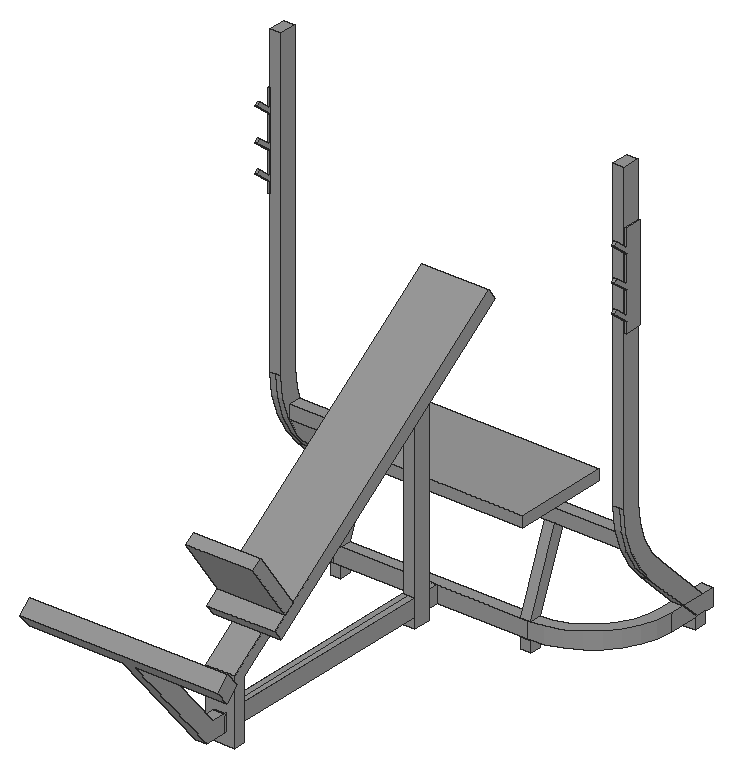
Revit family "Скамья для жима лежа наклонная", category Оборудование, Revit 2017
Family settings
  Размер круглого соединителя = Использовать диаметр
  Тип детали = Нормальный
  На основе рабочей плоскости = Нет
  Всегда вертикально = Да
  При загрузке вырезать с полостями = Нет
  Общий = Нет
  Точка расчета площади = Нет
Parameters (values of type "1844х1254х1604")
  Ширина = 1254.0 mm
  Примечание = ""
  Позиция = ""
  Обозначение = "PG01"
  Наименование = "Скамья для жима лежа наклонная"
  Масса = "103"
  Код оборудования = ""
  Keynote = ""
  Изготовитель = "Severin"
  Завод = "Technogym"
  Единицы = "шт."
  Группа модели = "ТХ"
  Глубина = 1844.0 mm
  Высота = 1604.0 mm
Reference planes
  plane 1 "По центру (Вперед/Назад)": y = 0
  plane 2: z = 0
  plane 3 "По центру (Влево/Вправо)": x = 0
  plane 4: x = -627
  plane 5: x = 627
  plane 6: y = 922
  plane 7: y = -922
  plane 8: z = 1604
  plane 9: z = 802
Forms (mm)
  Sweep 1, solid, material "GKS_Mep_Сталь_3262-75"
    path origin (0, 0, 0) x (1, 0, 0) y (0, 1, 0)
      loop
        line (-627, 922) -> (-627, 742)
        arc (-627, 742) -> (-544.157, 542) -> (-344.157, 459.157) r 282.843
        line (-344.157, 459.157) -> (0, 459.157) -> (344.157, 459.157)
        arc (344.157, 459.157) -> (544.157, 542) -> (627, 742) r 282.843
        line (627, 742) -> (627, 922)
    profile origin (-627, 832, 0) x (1, 0, 0) y (0, 0, 1)
      loop
        line (0, 40) -> (40, 40) -> (40, 100) -> (0, 100) -> (0, 40)
  Extrusion 2, solid, material "GKS_Mep_Сталь_3262-75", detail levels medium+fine
    sketch origin (0, 0, 40) x (1, 0, 0) y (0, 0, 1)
      loop
        line (0, 60) -> (-20, 60) -> (-20, 0) -> (0, 0) -> (20, 0) -> (20, 60) -> (0, 60)
    from -459.157 to 476.924
  Sweep 3, solid, material "GKS_Mep_Сталь_3262-75"
    path origin (0, 0, 0) x (0, 1, 0) y (0, 0, 1)
      loop
        line (866.521, 67.199) -> (675.602, 258.117)
        arc (675.602, 258.117) -> (591.647, 376.267) -> (560.022, 517.715) r 366.733
        line (560.022, 517.715) -> (560.022, 1604)
    profile origin (0, 560.022, 517.715) x (0, -1, 0) y (1, 0, 0)
      loop
        line (30, -607) -> (30, -587) -> (-30, -587) -> (-30, -607) -> (-30, -627) -> (30, -627) -> (30, -607)
  Extrusion 4, solid, material "GKS_Mep_Сталь_3262-75"
    sketch origin (0, 0, 0) x (1, 0, 0) y (0, 1, 0)
      loop
        line (-354.522, 760) -> (-354.522, 422.955) -> (354.522, 422.955) -> (354.522, 760) -> (-354.522, 760)
    from 452.012 to 413.581
  Extrusion 5, solid, material "GKS_Mep_Сталь_3262-75"
    sketch origin (0, 0, 0) x (0, 1, 0) y (0, 0, 1)
      loop
        line (609.06, 413.581) -> (564.078, 413.581) -> (564.078, 366.729) -> (609.06, 366.729) -> (609.06, 413.581)
    from -587 to 587
  Sweep 6, solid, material "GKS_Mep_Сталь_3262-75"
    path origin (0, 0, 0) x (0, 1, 0) y (0, 0, -1)
      loop
        line (866.521, -67.199) -> (675.602, -258.117)
        arc (675.602, -258.117) -> (591.647, -376.267) -> (560.022, -517.715) r 366.733
        line (560.022, -517.715) -> (560.022, -1604)
    profile origin (0, 560.022, 517.715) x (0, 1, 0) y (-1, 0, 0)
      loop
        line (-30, -607) -> (-30, -627) -> (30, -627) -> (30, -607) -> (30, -587) -> (-30, -587) -> (-30, -607)
  Sweep 7, solid, material "GKS_Mep_Сталь_3262-75"
    path origin (0, 0, 0) x (0, 1, 0) y (0, 0, 1)
      loop
        line (459.157, 40) -> (-476.924, 40) -> (-556.924, 40) -> (-922, 475.694)
    profile origin (0, -8.883, 40) x (0, 0, -1) y (1, 0, 0)
      loop
        line (-60, -20) -> (0, -20) -> (0, 20) -> (-60, 20) -> (-60, -20)
  Extrusion 8, solid, material "GKS_Mep_Сталь_3262-75"
    sketch origin (0, 0, 0) x (0, 1, 0) y (0, 0, 1)
      loop
        line (-876.011, 514.229) -> (-922, 475.694) -> (-880.066, 425.649) -> (-837.475, 468.24) -> (-876.011, 514.229)
    from -350 to 350
  Extrusion 9, solid, material "GKS_Mep_Сталь_3262-75"
    sketch origin (0, 633.481, 264.726) x (1, 0, 0) y (0, 0.819152, 0.573576)
      loop
        line (117.441, 380.124) -> (-120, 380.124) -> (-120, -780) -> (117.441, -780) -> (117.441, 380.124)
    from 606.605 to 654.018
  Extrusion 10, solid, material "GKS_Mep_Сталь_3262-75"
    sketch origin (0, 0, 0) x (0, 1, 0) y (0, 0, 1)
      loop
        line (-333.679, 385.921) -> (-300.913, 408.865) -> (-441.439, 609.557) -> (-474.205, 586.614) -> (-333.679, 385.921)
    from -120 to 117.441
  Extrusion 11, solid, material "GKS_Mep_Сталь_3262-75", detail levels medium+fine
    sketch origin (0, 0, 0) x (0, 1, 0) y (0, 0, 1)
      loop
        line (422.955, 0) -> (422.955, 857.841) -> (362.955, 815.828) -> (362.955, 0) -> (422.955, 0)
    from -20 to 20
  Extrusion 12, solid, material "GKS_Mep_Сталь_3262-75"
    sketch origin (0, 0, 0) x (0, 1, 0) y (0, 0, 1)
      loop
        line (362.955, 815.828) -> (-472.58, 230.78) -> (-472.58, 0) -> (-432.58, 0) -> (-432.58, 209.958) -> (362.955, 766.997) -> (362.955, 815.828)
    from -50 to 50
  Extrusion 13, solid, material "GKS_Mep_Сталь_3262-75", detail levels medium+fine
    sketch origin (0, 0, 0) x (0, 1, 0) y (0, 0, 1)
      loop
        line (499.157, 100) -> (609.06, 366.729) -> (564.078, 366.729) -> (458.542, 100) -> (499.157, 100)
    from -354.522 to -318.143
  Extrusion 14, solid, material "GKS_Mep_Сталь_3262-75", detail levels medium+fine
    sketch origin (0, 0, 0) x (0, 1, 0) y (0, 0, -1)
      loop
        line (499.157, -100) -> (458.542, -100) -> (564.078, -366.729) -> (609.06, -366.729) -> (499.157, -100)
    from -354.522 to -318.143
  Extrusion 15, solid, material "GKS_Mep_Сталь_3262-75", detail levels medium+fine
    sketch origin (0, 0, 0) x (1, 0, 0) y (0, 1, 0)
      loop
        line (-627, 887.734) -> (-627, 845.308) -> (-587, 845.308) -> (-587, 887.734) -> (-627, 887.734)
      loop
        line (587, 887.734) -> (587, 845.308) -> (627, 845.308) -> (627, 887.734) -> (587, 887.734)
    from 0 to 40
  Extrusion 16, solid, material "GKS_Mep_Сталь_3262-75", detail levels medium+fine
    sketch origin (0, 0, 0) x (1, 0, 0) y (0, 1, 0)
      loop
        line (-354.522, 499.157) -> (-354.522, 458.542) -> (-318.143, 458.542) -> (-318.143, 499.157) -> (-354.522, 499.157)
      loop
        line (318.143, 499.157) -> (318.143, 458.542) -> (354.522, 458.542) -> (354.522, 499.157) -> (318.143, 499.157)
    from 0 to 40
  Extrusion 17, solid, material "GKS_Mep_Сталь_3262-75", detail levels medium+fine
    sketch origin (0, 0, 0) x (0, 1, 0) y (0, 0, 1)
      loop
        line (590.022, 1414.779) -> (530.022, 1414.779) -> (530.022, 1352.788) -> (486.041, 1389.693) -> (476.399, 1378.202) -> (530.022, 1333.207) -> (530.022, 1237.788) -> (486.041, 1274.693) -> (476.399, 1263.202) -> (530.022, 1218.207) -> (530.022, 1137.788) -> (486.041, 1174.693) -> (476.399, 1163.202) -> (530.022, 1118.207) -> (530.022, 1080.707) -> (590.022, 1080.707) -> (590.022, 1414.779)
    from -627 to -635.618
  Extrusion 18, solid, material "GKS_Mep_Сталь_3262-75", detail levels medium+fine
    sketch origin (0, 0, 0) x (0, 1, 0) y (0, 0, -1)
      loop
        line (590.022, -1414.779) -> (590.022, -1080.707) -> (530.022, -1080.707) -> (530.022, -1118.207) -> (476.399, -1163.202) -> (486.041, -1174.693) -> (530.022, -1137.788) -> (530.022, -1218.207) -> (476.399, -1263.202) -> (486.041, -1274.693) -> (530.022, -1237.788) -> (530.022, -1333.207) -> (476.399, -1378.202) -> (486.041, -1389.693) -> (530.022, -1352.788) -> (530.022, -1414.779) -> (590.022, -1414.779)
    from -627 to -635.618
Cuts and joins
  joined: Sweep 7, Extrusion 8
Lines and regions (mm)
  symbolic lines, detail levels medium
    curve 1: line (627, -922, 0) -> (-627, -922, 0)
    curve 2: line (627, 922, 0) -> (627, -922, 0)
    curve 3: line (-627, 922, 0) -> (627, 922, 0)
    curve 4: line (-627, -922, 0) -> (-627, 922, 0)
    curve 5: line (-13.163, -922, 0) -> (0, 18.799, 0)
    curve 6: line (13.163, -922, 0) -> (0, 18.799, 0)
Dimensions and locks
  equal spacing: plane 4, plane 3 "По центру (Влево/Вправо)", plane 5
  "Ширина": plane 4 to plane 5
  equal spacing: plane 6, plane 1 "По центру (Вперед/Назад)", plane 7
  "Глубина": plane 6 to plane 7
  equal spacing: plane 8, plane 9, level
  "Высота": plane 8 to level
  aligned and locked: level to plane 2
Automatic sketch dimensions
  curve 1 to plane 4 = 0.0 mm
  curve 5 to plane 7 = 0.0 mm
  curve 5 to plane 3 "По центру (Влево/Вправо)" = 0.0 mm
  curve 2 to plane 5 = 0.0 mm
  curve 3 to plane 6 = 0.0 mm
  curve 5 to plane 1 "По центру (Вперед/Назад)" = 18.799 mm
  curve 5 to plane 3 "По центру (Влево/Вправо)" = 13.163 mm
  plane 3 "По центру (Влево/Вправо)" to curve 6 = 13.163 mm
  Sweep 1 sketch curve to plane 4 = 0.0 mm
  Sweep 1 sketch curve to plane 3 "По центру (Влево/Вправо)" = 0.0 mm
  Sweep 1 sketch curve to plane 5 = 0.0 mm
  Sweep 1 sketch curve to plane 6 = 0.0 mm  (x2)
  plane 4 to Sweep 1 sketch curve = 282.843 mm
  Sweep 1 sketch curve to plane 6 = 180.0 mm
  Sweep 1 sketch curve to Sweep 1 sketch curve = 282.843 mm
  profile plane to Sweep 1 sketch curve = 0.0 mm
  Sweep 1 sketch curve to profile plane = 40.0 mm
  level to Sweep 1 sketch curve = 40.0 mm
  Sweep 1 sketch curve to Sweep 1 sketch curve = 60.0 mm
  Extrusion 2 sketch curve to plane 3 "По центру (Влево/Вправо)" = 0.0 mm  (x2)
  Extrusion 2 sketch curve to plane 3 "По центру (Влево/Вправо)" = 20.0 mm
  plane 3 "По центру (Влево/Вправо)" to Extrusion 2 sketch curve = 20.0 mm
  level to Extrusion 2 sketch curve = 40.0 mm
  Extrusion 2 sketch curve to Extrusion 2 sketch curve = 60.0 mm
  Sweep 3 sketch curve to plane 8 = 0.0 mm
  Sweep 3 sketch curve to plane 6 = 361.978 mm
  Sweep 3 sketch curve to plane 6 = 246.398 mm
  plane 6 to Sweep 3 sketch curve = 4.674 mm
  Sweep 3 sketch curve to plane 9 = 276.569 mm
  Sweep 3 sketch curve to plane 9 = 284.285 mm
  Sweep 3 sketch curve to plane 6 = 55.479 mm
  level to Sweep 3 sketch curve = 67.199 mm
  profile plane to Sweep 3 sketch curve = 30.0 mm
  Sweep 3 sketch curve to profile plane = 30.0 mm
  Sweep 3 sketch curve to plane 3 "По центру (Влево/Вправо)" = 627.0 mm
  Sweep 3 sketch curve to Sweep 3 sketch curve = 20.0 mm  (x3)
  plane 4 to Extrusion 4 sketch curve = 272.478 mm
  Extrusion 4 sketch curve to plane 5 = 272.478 mm
  Extrusion 4 sketch curve to plane 1 "По центру (Вперед/Назад)" = 422.955 mm
  Extrusion 4 sketch curve to plane 6 = 162.0 mm
  Extrusion 5 sketch curve to plane 6 = 357.922 mm
  Extrusion 5 sketch curve to Extrusion 5 sketch curve = 44.982 mm
  level to Extrusion 5 sketch curve = 366.729 mm
  Extrusion 5 sketch curve to Extrusion 5 sketch curve = 46.851 mm
  Sweep 6 sketch curve to plane 8 = 0.0 mm
  Sweep 6 sketch curve to plane 6 = 361.978 mm
  Sweep 6 sketch curve to plane 6 = 246.398 mm
  plane 6 to Sweep 6 sketch curve = 4.674 mm
  Sweep 6 sketch curve to plane 9 = 276.569 mm
  Sweep 6 sketch curve to plane 9 = 284.285 mm
  Sweep 6 sketch curve to plane 6 = 55.479 mm
  level to Sweep 6 sketch curve = 67.199 mm
  profile plane to Sweep 6 sketch curve = 30.0 mm
  Sweep 6 sketch curve to profile plane = 30.0 mm
  Sweep 6 sketch curve to profile plane = 627.0 mm
  Sweep 6 sketch curve to Sweep 6 sketch curve = 20.0 mm  (x3)
  Sweep 7 sketch curve to plane 7 = 0.0 mm
  level to Sweep 7 sketch curve = 40.0 mm
  plane 7 to Sweep 7 sketch curve = 365.076 mm
  Sweep 7 sketch curve to Sweep 7 sketch curve = 80.0 mm
  Sweep 7 sketch curve to plane 1 "По центру (Вперед/Назад)" = 459.157 mm
  Sweep 7 sketch curve to plane 9 = 326.306 mm
  Sweep 7 sketch curve to profile plane = 0.0 mm
  Sweep 7 sketch curve to plane 3 "По центру (Влево/Вправо)" = 20.0 mm
  profile plane to Sweep 7 sketch curve = 60.0 mm
  plane 3 "По центру (Влево/Вправо)" to Sweep 7 sketch curve = 20.0 mm
  Extrusion 8 sketch curve to plane 7 = 0.0 mm
  plane 7 to Extrusion 8 sketch curve = 41.934 mm
  plane 7 to Extrusion 8 sketch curve = 45.989 mm
  Extrusion 8 sketch curve to Extrusion 8 sketch curve = 38.535 mm
  level to Extrusion 8 sketch curve = 425.649 mm
  Extrusion 8 sketch curve to Extrusion 8 sketch curve = 42.591 mm
  Extrusion 9 sketch curve to plane 3 "По центру (Влево/Вправо)" = 120.0 mm
  plane 3 "По центру (Влево/Вправо)" to Extrusion 9 sketch curve = 117.441 mm
  Extrusion 9 sketch curve to Extrusion 9 sketch curve = 1160.124 mm
  plane 7 to Extrusion 10 sketch curve = 447.795 mm
  Extrusion 10 sketch curve to plane 9 = 192.443 mm
  Extrusion 10 sketch curve to Extrusion 10 sketch curve = 32.766 mm
  Extrusion 10 sketch curve to Extrusion 10 sketch curve = 140.526 mm
  Extrusion 10 sketch curve to Extrusion 10 sketch curve = 22.943 mm
  Extrusion 11 sketch curve to level = 0.0 mm
  plane 9 to Extrusion 11 sketch curve = 13.828 mm
  Extrusion 11 sketch curve to plane 1 "По центру (Вперед/Назад)" = 362.955 mm
  Extrusion 11 sketch curve to Extrusion 11 sketch curve = 60.0 mm
  plane 9 to Extrusion 11 sketch curve = 55.841 mm
  Extrusion 12 sketch curve to level = 0.0 mm
  plane 7 to Extrusion 12 sketch curve = 449.42 mm
  Extrusion 12 sketch curve to Extrusion 12 sketch curve = 40.0 mm
  Extrusion 12 sketch curve to plane 9 = 35.003 mm
  Extrusion 12 sketch curve to plane 1 "По центру (Вперед/Назад)" = 362.955 mm
  level to Extrusion 12 sketch curve = 209.958 mm
  Extrusion 12 sketch curve to Extrusion 12 sketch curve = 20.823 mm
  plane 9 to Extrusion 12 sketch curve = 13.828 mm
  level to Extrusion 13 sketch curve = 100.0 mm
  Extrusion 13 sketch curve to plane 1 "По центру (Вперед/Назад)" = 458.542 mm
  Extrusion 13 sketch curve to Extrusion 13 sketch curve = 40.616 mm
  Extrusion 13 sketch curve to Extrusion 13 sketch curve = 64.92 mm
  Extrusion 13 sketch curve to Extrusion 13 sketch curve = 44.982 mm
  Extrusion 13 sketch curve to Extrusion 13 sketch curve = 266.729 mm
  level to Extrusion 14 sketch curve = 100.0 mm
  Extrusion 14 sketch curve to plane 1 "По центру (Вперед/Назад)" = 458.542 mm
  Extrusion 14 sketch curve to Extrusion 14 sketch curve = 40.616 mm
  Extrusion 14 sketch curve to Extrusion 14 sketch curve = 64.92 mm
  Extrusion 14 sketch curve to Extrusion 14 sketch curve = 44.982 mm
  Extrusion 14 sketch curve to Extrusion 14 sketch curve = 266.729 mm
  Extrusion 15 sketch curve to plane 4 = 0.0 mm
  Extrusion 15 sketch curve to plane 5 = 0.0 mm
  plane 4 to Extrusion 15 sketch curve = 40.0 mm
  Extrusion 15 sketch curve to Extrusion 15 sketch curve = 40.0 mm
  Extrusion 15 sketch curve to plane 6 = 76.692 mm  (x2)
  Extrusion 15 sketch curve to plane 6 = 34.266 mm  (x2)
  plane 4 to Extrusion 16 sketch curve = 272.478 mm
  Extrusion 16 sketch curve to Extrusion 16 sketch curve = 36.379 mm  (x2)
  Extrusion 16 sketch curve to plane 5 = 308.857 mm
  Extrusion 16 sketch curve to plane 1 "По центру (Вперед/Назад)" = 458.542 mm  (x2)
  Extrusion 16 sketch curve to Extrusion 16 sketch curve = 40.616 mm  (x2)
  Extrusion 17 sketch curve to plane 6 = 445.601 mm
  Extrusion 17 sketch curve to Extrusion 17 sketch curve = 0.0 mm  (x4)
  Extrusion 17 sketch curve to Extrusion 17 sketch curve = 9.642 mm  (x3)
  Extrusion 17 sketch curve to plane 8 = 214.307 mm
  Extrusion 17 sketch curve to plane 8 = 329.307 mm
  Extrusion 17 sketch curve to Extrusion 17 sketch curve = 43.981 mm  (x2)
  Extrusion 17 sketch curve to Extrusion 17 sketch curve = 60.0 mm
  Extrusion 17 sketch curve to Extrusion 17 sketch curve = 11.491 mm  (x2)
  Extrusion 17 sketch curve to Extrusion 17 sketch curve = 43.514 mm
  Extrusion 17 sketch curve to Extrusion 17 sketch curve = 37.5 mm
  Extrusion 17 sketch curve to Extrusion 17 sketch curve = 56.486 mm
  Extrusion 17 sketch curve to Extrusion 17 sketch curve = 61.99 mm
  Extrusion 18 sketch curve to plane 6 = 445.601 mm
  Extrusion 18 sketch curve to Extrusion 18 sketch curve = 0.0 mm  (x4)
  Extrusion 18 sketch curve to Extrusion 18 sketch curve = 9.642 mm  (x3)
  Extrusion 18 sketch curve to plane 8 = 214.307 mm
  Extrusion 18 sketch curve to plane 8 = 329.307 mm
  Extrusion 18 sketch curve to Extrusion 18 sketch curve = 43.981 mm  (x2)
  Extrusion 18 sketch curve to Extrusion 18 sketch curve = 60.0 mm
  Extrusion 18 sketch curve to Extrusion 18 sketch curve = 25.086 mm
  Extrusion 18 sketch curve to Extrusion 18 sketch curve = 11.491 mm  (x3)
  Extrusion 18 sketch curve to Extrusion 18 sketch curve = 43.514 mm
  Extrusion 18 sketch curve to Extrusion 18 sketch curve = 37.5 mm
